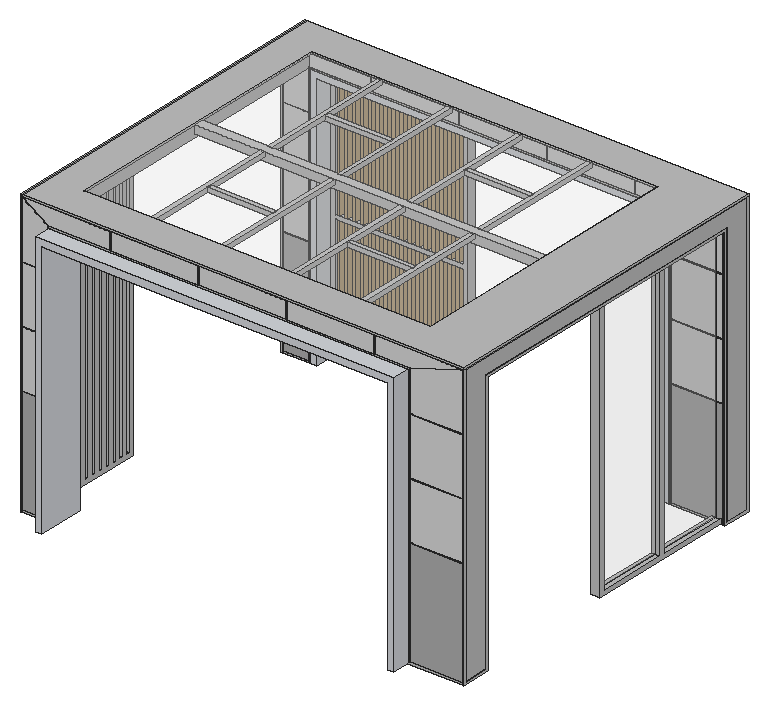
Revit family "L-FUR_파고라_DWP-2025_데오스웍스", category 일반 모델, Revit 2021
Family settings
  보강 철근 호스트 가능 = 아니오
  원형 커넥터 치수 = 지름 사용
  부품 유형 = 보통
  작업 기준면 기반 = 아니오
  항상 수직 = 예
  로드될 때 보이드를 사용하여 절단 = 아니오
  공유 = 아니오
  룸 계산 점 = 아니오
Parameters
  한국산업규격KS = ""
  조달청표준공사코드-세부공종 = "24076838"
  기본 입면도 = 0 mm
  건설정보분류체계-부위분류 = "E941"
  LIM_INFO_주의사항 = "재배포, 재가공, 판매 금지"
  LIM_INFO_제품업체 = "예건"
  LIM_INFO_제품번호 = "YF-16"
  LIM_INFO_제품명 = "펜스_YF-16"
  LIM_INFO_제작일 = "20230315"
  LIM_INFO_재료 = "Hardwood, STL-pipe, STL-plate"
  LIM_INFO_업체정보 = ""
  LIM_INFO_업체URL = "https://yekun.com/"
  LIM_INFO_업체TEL = "(+82)31-943-6114"
  LIM_INFO_업체EMAIL = "yekun@yekun.com"
  LIM_INFO_버전 = "2023_V01"
  LIM_INFO_기타정보 = ""
  LIM_INFO_규격 = "W2000 x H1800"
  LIM_INFO_가격 = 0
  LIM_INFO_PV_포장재여부 = yes
  LIM_INFO_PV_면적 = 0.00 m²
  KBIMS_식별-버전 = ""
  KBIMS_식별-bSK등록번호 = ""
  KBIMS_보급정보-저작자 = "림인포테크_MMJ"
  KBIMS_보급정보-보급코드 = ""
Reference planes
  plane 1 "중심(앞/뒤)": y = 0
  plane 2: z = 0
  plane 3 "중심(왼쪽/오른쪽)": x = 0
Dimensions and locks
  aligned and locked: level to plane 2
Nested families
  nested 1: "DWP-2025_base" at (0, 0, 0), type "DWP-2025_base"
Definition of nested family "DWP-2025_base"
  Parameters (values of type "DWP-2025_base")
    Default Elevation = 0 mm
  Reference planes
    plane 1 "중심(앞/뒤)": y = 0
    plane 2: z = 0
    plane 3 "중심(왼쪽/오른쪽)": x = 0
  Forms (mm)
    Extrusion 1, solid, detail levels fine
      sketch origin (0, 0, 0) x (1, 0, 0) y (0, 0, 1)
        loop
          line (4980, 1872.138) -> (4390, 1872.138) -> (4390, 1226) -> (4980, 1226) -> (4980, 1872.138)
        loop
          line (4980, 2524.276) -> (4390, 2524.276) -> (4390, 1878.138) -> (4980, 1878.138) -> (4980, 2524.276)
        loop
          line (4980, 3176.413) -> (4390, 2986.413) -> (4390, 2530.276) -> (4980, 2530.276) -> (4980, 3176.413)
        loop
          line (4384.526, 2990) -> (4974.526, 3180) -> (3989.515, 3180) -> (3989.515, 2990) -> (4384.526, 2990)
        loop
          line (2998.505, 3180) -> (2998.505, 2990) -> (3983.515, 2990) -> (3983.515, 3180) -> (2998.505, 3180)
        loop
          line (2007.495, 3180) -> (2007.495, 2990) -> (2992.505, 2990) -> (2992.505, 3180) -> (2007.495, 3180)
        loop
          line (1016.485, 3180) -> (1016.485, 2990) -> (2001.495, 2990) -> (2001.495, 3180) -> (1016.485, 3180)
        loop
          line (25.474, 3180) -> (315.474, 2990) -> (1010.485, 2990) -> (1010.485, 3180) -> (25.474, 3180)
        loop
          line (20, 3176.413) -> (20, 2530.276) -> (310, 2530.276) -> (310, 2986.413) -> (20, 3176.413)
        loop
          line (310, 1878.138) -> (310, 2524.276) -> (20, 2524.276) -> (20, 1878.138) -> (310, 1878.138)
        loop
          line (310, 1226) -> (310, 1872.138) -> (20, 1872.138) -> (20, 1226) -> (310, 1226)
      from -4000 to -3670
    Extrusion 2, solid, detail levels fine
      sketch origin (0, 0, 0) x (1, 0, 0) y (0, 0, 1)
        loop
          line (4390, 20) -> (4980, 20) -> (4980, 1220) -> (4390, 1220) -> (4390, 20)
        loop
          line (310, 20) -> (310, 1220) -> (20, 1220) -> (20, 20) -> (310, 20)
      from -4000 to -3670
    Extrusion 3, solid, detail levels fine
      sketch origin (0, 0, 0) x (1, 0, 0) y (0, 0, 1)
        loop
          line (4370, 2970) -> (330, 2970) -> (330, 0) -> (405, 0) -> (405, 2895) -> (1961.263, 2895) -> (4295, 2895) -> (4295, 2237.252) -> (4295, 1996.214) -> (4295, 0) -> (4370, 0) -> (4370, 2970)
      from -4240 to -3670
    Extrusion 4, solid, detail levels fine
      sketch origin (0, 0, 0) x (1, 0, 0) y (0, 0, 1)
        loop
          line (4980, 1872.138) -> (4390, 1872.138) -> (4390, 1226) -> (4980, 1226) -> (4980, 1872.138)
        loop
          line (4980, 2524.276) -> (4390, 2524.276) -> (4390, 1878.138) -> (4980, 1878.138) -> (4980, 2524.276)
        loop
          line (4980, 3176.413) -> (4390, 2986.413) -> (4390, 2530.276) -> (4980, 2530.276) -> (4980, 3176.413)
        loop
          line (4384.526, 2990) -> (4974.526, 3180) -> (3989.515, 3180) -> (3989.515, 2990) -> (4384.526, 2990)
        loop
          line (2998.505, 3180) -> (2998.505, 2990) -> (3983.515, 2990) -> (3983.515, 3180) -> (2998.505, 3180)
        loop
          line (2007.495, 3180) -> (2007.495, 2990) -> (2992.505, 2990) -> (2992.505, 3180) -> (2007.495, 3180)
        loop
          line (1016.485, 3180) -> (1016.485, 2990) -> (2001.495, 2990) -> (2001.495, 3180) -> (1016.485, 3180)
        loop
          line (25.474, 3180) -> (315.474, 2990) -> (1010.485, 2990) -> (1010.485, 3180) -> (25.474, 3180)
        loop
          line (20, 3176.413) -> (20, 2530.276) -> (310, 2530.276) -> (310, 2986.413) -> (20, 3176.413)
        loop
          line (310, 1878.138) -> (310, 2524.276) -> (20, 2524.276) -> (20, 1878.138) -> (310, 1878.138)
        loop
          line (310, 1226) -> (310, 1872.138) -> (20, 1872.138) -> (20, 1226) -> (310, 1226)
      from -330 to 0
    Extrusion 5, solid, detail levels fine
      sketch origin (0, 0, 0) x (1, 0, 0) y (0, 0, 1)
        loop
          line (4390, 20) -> (4980, 20) -> (4980, 1220) -> (4390, 1220) -> (4390, 20)
        loop
          line (310, 20) -> (310, 1220) -> (20, 1220) -> (20, 20) -> (310, 20)
      from -330 to 0
    Extrusion 6, solid, detail levels fine
      sketch origin (0, 0, 0) x (1, 0, 0) y (0, 0, 1)
        loop
          line (4390, 2986.413) -> (4980, 3176.413) -> (4980, 3180) -> (4974.526, 3180) -> (4384.526, 2990) -> (3989.515, 2990) -> (3989.515, 3180) -> (3983.515, 3180) -> (3983.515, 2990) -> (2998.505, 2990) -> (2998.505, 3180) -> (2992.505, 3180) -> (2992.505, 2990) -> (2007.495, 2990) -> (2007.495, 3180) -> (2001.495, 3180) -> (2001.495, 2990) -> (1016.485, 2990) -> (1016.485, 3180) -> (1010.485, 3180) -> (1010.485, 2990) -> (315.474, 2990) -> (25.474, 3180) -> (20, 3180) -> (20, 3176.413) -> (310, 2986.413) -> (310, 2530.276) -> (20, 2530.276) -> (20, 2524.276) -> (310, 2524.276) -> (310, 1878.138) -> (20, 1878.138) -> (20, 1872.138) -> (310, 1872.138) -> (310, 1226) -> (20, 1226) -> (20, 1220) -> (310, 1220) -> (310, 20) -> (20, 20) -> (20, 0) -> (330, 0) -> (330, 2970) -> (4370, 2970) -> (4370, 0) -> (4980, 0) -> (4980, 20) -> (4390, 20) -> (4390, 1220) -> (4980, 1220) -> (4980, 1226) -> (4390, 1226) -> (4390, 1872.138) -> (4980, 1872.138) -> (4980, 1878.138) -> (4390, 1878.138) -> (4390, 2524.276) -> (4980, 2524.276) -> (4980, 2530.276) -> (4390, 2530.276) -> (4390, 2986.413)
      from -330 to 0
    Extrusion 7, solid, detail levels fine
      sketch origin (0, 0, 0) x (1, 0, 0) y (0, 0, 1)
        loop
          line (4390, 2986.413) -> (4980, 3176.413) -> (4980, 3180) -> (4974.526, 3180) -> (4384.526, 2990) -> (3989.515, 2990) -> (3989.515, 3180) -> (3983.515, 3180) -> (3983.515, 2990) -> (2998.505, 2990) -> (2998.505, 3180) -> (2992.505, 3180) -> (2992.505, 2990) -> (2007.495, 2990) -> (2007.495, 3180) -> (2001.495, 3180) -> (2001.495, 2990) -> (1016.485, 2990) -> (1016.485, 3180) -> (1010.485, 3180) -> (1010.485, 2990) -> (315.474, 2990) -> (25.474, 3180) -> (20, 3180) -> (20, 3176.413) -> (310, 2986.413) -> (310, 2530.276) -> (20, 2530.276) -> (20, 2524.276) -> (310, 2524.276) -> (310, 1878.138) -> (20, 1878.138) -> (20, 1872.138) -> (310, 1872.138) -> (310, 1226) -> (20, 1226) -> (20, 1220) -> (310, 1220) -> (310, 20) -> (20, 20) -> (20, 0) -> (330, 0) -> (330, 2970) -> (4370, 2970) -> (4370, 0) -> (4980, 0) -> (4980, 20) -> (4390, 20) -> (4390, 1220) -> (4980, 1220) -> (4980, 1226) -> (4390, 1226) -> (4390, 1872.138) -> (4980, 1872.138) -> (4980, 1878.138) -> (4390, 1878.138) -> (4390, 2524.276) -> (4980, 2524.276) -> (4980, 2530.276) -> (4390, 2530.276) -> (4390, 2986.413)
      from -4000 to -3670
    Extrusion 8, solid, detail levels fine
      sketch origin (0, 0, 0) x (0, 1, 0) y (0, 0, 1)
        loop
          line (20, 3180) -> (20, 20) -> (310, 20) -> (310, 2990) -> (3690, 2990) -> (3690, 20) -> (3980, 20) -> (3980, 3180) -> (20, 3180)
        loop
          line (4000, 0) -> (4000, 3200) -> (0, 3200) -> (0, 0) -> (330, 0) -> (330, 2970) -> (3670, 2970) -> (3670, 0) -> (4000, 0)
      from 0 to 20
    Extrusion 9, solid, detail levels fine
      sketch origin (0, 0, 0) x (0, 1, 0) y (0, 0, 1)
        loop
          line (20, 3180) -> (20, 20) -> (310, 20) -> (310, 2990) -> (3690, 2990) -> (3690, 20) -> (3980, 20) -> (3980, 3180) -> (20, 3180)
        loop
          line (35, 3165) -> (35, 35) -> (295, 35) -> (295, 3005) -> (3705, 3005) -> (3705, 35) -> (3965, 35) -> (3965, 3165) -> (35, 3165)
      from 7.886 to 20
    Extrusion 10, solid, detail levels fine
      sketch origin (0, 0, 0) x (0, 1, 0) y (0, 0, 1)
        loop
          line (35, 3165) -> (35, 35) -> (295, 35) -> (295, 3005) -> (3705, 3005) -> (3705, 35) -> (3965, 35) -> (3965, 3165) -> (35, 3165)
      from 0 to 20
    Extrusion 11, solid, detail levels fine
      sketch origin (0, 0, 0) x (0, 1, 0) y (0, 0, 1)
        loop
          line (3980, 3180) -> (3980, 20) -> (3690, 20) -> (3690, 2990) -> (310, 2990) -> (310, 20) -> (20, 20) -> (20, 3180) -> (0, 3180) -> (0, 0) -> (330, 0) -> (330, 2970) -> (3670, 2970) -> (3670, 0) -> (4000, 0) -> (4000, 3180) -> (3980, 3180)
      from 4980 to 5000
    Extrusion 12, solid, detail levels fine
      sketch origin (0, 0, 0) x (0, 1, 0) y (0, 0, 1)
        loop
          line (20, 3180) -> (20, 20) -> (310, 20) -> (310, 2990) -> (3690, 2990) -> (3690, 20) -> (3980, 20) -> (3980, 3180) -> (20, 3180)
        loop
          line (35, 3165) -> (35, 35) -> (295, 35) -> (295, 3005) -> (3705, 3005) -> (3705, 35) -> (3965, 35) -> (3965, 3165) -> (35, 3165)
      from 4980 to 4990.356
    Extrusion 13, solid, detail levels fine
      sketch origin (0, 0, 0) x (0, 1, 0) y (0, 0, 1)
        loop
          line (35, 3165) -> (35, 35) -> (295, 35) -> (295, 3005) -> (3705, 3005) -> (3705, 35) -> (3965, 35) -> (3965, 3165) -> (35, 3165)
      from 4980 to 5000
    Extrusion 14, solid, detail levels fine
      sketch origin (0, 0, 0) x (1, 0, 0) y (0, 0, 1)
        loop
          line (4370, 2970) -> (330, 2970) -> (330, 0) -> (405, 0) -> (405, 2895) -> (1961.263, 2895) -> (4295, 2895) -> (4295, 2237.252) -> (4295, 1996.214) -> (4295, 0) -> (4370, 0) -> (4370, 2970)
      from -330 to 200
    Extrusion 15, solid, detail levels fine
      sketch origin (0, 0, 0) x (1, 0, 0) y (0, 0, 1)
        loop
          line (1961.263, 0) -> (1961.263, 2895) -> (405, 2895) -> (405, 0) -> (1961.263, 0)
        loop
          line (1911.263, 2845) -> (472.015, 2845) -> (472.015, 1467.5) -> (1911.263, 1467.5) -> (1911.263, 2845)
        loop
          line (1911.263, 1427.5) -> (472.015, 1427.5) -> (472.015, 50) -> (1911.263, 50) -> (1911.263, 1427.5)
      from -3950 to -3850
    Extrusion 16, solid, detail levels fine
      sketch origin (0, 0, 0) x (1, 0, 0) y (0, 0, 1)
        loop
          line (1821.31, 1427.5) -> (1821.31, 50) -> (1861.31, 50) -> (1861.31, 1427.5) -> (1821.31, 1427.5)
        loop
          line (1731.357, 1427.5) -> (1731.357, 50) -> (1771.357, 50) -> (1771.357, 1427.5) -> (1731.357, 1427.5)
        loop
          line (1641.404, 1427.5) -> (1641.404, 50) -> (1681.404, 50) -> (1681.404, 1427.5) -> (1641.404, 1427.5)
        loop
          line (1551.451, 1427.5) -> (1551.451, 50) -> (1591.451, 50) -> (1591.451, 1427.5) -> (1551.451, 1427.5)
        loop
          line (1461.498, 1427.5) -> (1461.498, 50) -> (1501.498, 50) -> (1501.498, 1427.5) -> (1461.498, 1427.5)
        loop
          line (1371.545, 1427.5) -> (1371.545, 50) -> (1411.545, 50) -> (1411.545, 1427.5) -> (1371.545, 1427.5)
        loop
          line (1281.592, 1427.5) -> (1281.592, 50) -> (1321.592, 50) -> (1321.592, 1427.5) -> (1281.592, 1427.5)
        loop
          line (1191.639, 1427.5) -> (1191.639, 50) -> (1231.639, 50) -> (1231.639, 1427.5) -> (1191.639, 1427.5)
        loop
          line (1101.686, 1427.5) -> (1101.686, 50) -> (1141.686, 50) -> (1141.686, 1427.5) -> (1101.686, 1427.5)
        loop
          line (1011.733, 1427.5) -> (1011.733, 50) -> (1051.733, 50) -> (1051.733, 1427.5) -> (1011.733, 1427.5)
        loop
          line (921.78, 1427.5) -> (921.78, 50) -> (961.78, 50) -> (961.78, 1427.5) -> (921.78, 1427.5)
        loop
          line (831.827, 1427.5) -> (831.827, 50) -> (871.827, 50) -> (871.827, 1427.5) -> (831.827, 1427.5)
        loop
          line (741.874, 1427.5) -> (741.874, 50) -> (781.874, 50) -> (781.874, 1427.5) -> (741.874, 1427.5)
        loop
          line (651.921, 1427.5) -> (651.921, 50) -> (691.921, 50) -> (691.921, 1427.5) -> (651.921, 1427.5)
        loop
          line (561.968, 1427.5) -> (561.968, 50) -> (601.968, 50) -> (601.968, 1427.5) -> (561.968, 1427.5)
        loop
          line (472.015, 1427.5) -> (472.015, 50) -> (512.015, 50) -> (512.015, 1427.5) -> (472.015, 1427.5)
        loop
          line (1821.31, 2845) -> (1821.31, 1467.5) -> (1861.31, 1467.5) -> (1861.31, 2845) -> (1821.31, 2845)
        loop
          line (1731.357, 2845) -> (1731.357, 1467.5) -> (1771.357, 1467.5) -> (1771.357, 2845) -> (1731.357, 2845)
        loop
          line (1641.404, 2845) -> (1641.404, 1467.5) -> (1681.404, 1467.5) -> (1681.404, 2845) -> (1641.404, 2845)
        loop
          line (1551.451, 2845) -> (1551.451, 1467.5) -> (1591.451, 1467.5) -> (1591.451, 2845) -> (1551.451, 2845)
        loop
          line (1461.498, 2845) -> (1461.498, 1467.5) -> (1501.498, 1467.5) -> (1501.498, 2845) -> (1461.498, 2845)
        loop
          line (1371.545, 2845) -> (1371.545, 1467.5) -> (1411.545, 1467.5) -> (1411.545, 2845) -> (1371.545, 2845)
        loop
          line (1281.592, 2845) -> (1281.592, 1467.5) -> (1321.592, 1467.5) -> (1321.592, 2845) -> (1281.592, 2845)
        loop
          line (1191.639, 2845) -> (1191.639, 1467.5) -> (1231.639, 1467.5) -> (1231.639, 2845) -> (1191.639, 2845)
        loop
          line (1101.686, 2845) -> (1101.686, 1467.5) -> (1141.686, 1467.5) -> (1141.686, 2845) -> (1101.686, 2845)
        loop
          line (1011.733, 2845) -> (1011.733, 1467.5) -> (1051.733, 1467.5) -> (1051.733, 2845) -> (1011.733, 2845)
        loop
          line (921.78, 2845) -> (921.78, 1467.5) -> (961.78, 1467.5) -> (961.78, 2845) -> (921.78, 2845)
        loop
          line (831.827, 2845) -> (831.827, 1467.5) -> (871.827, 1467.5) -> (871.827, 2845) -> (831.827, 2845)
        loop
          line (741.874, 2845) -> (741.874, 1467.5) -> (781.874, 1467.5) -> (781.874, 2845) -> (741.874, 2845)
        loop
          line (651.921, 2845) -> (651.921, 1467.5) -> (691.921, 1467.5) -> (691.921, 2845) -> (651.921, 2845)
        loop
          line (561.968, 2845) -> (561.968, 1467.5) -> (601.968, 1467.5) -> (601.968, 2845) -> (561.968, 2845)
        loop
          line (472.015, 2845) -> (472.015, 1467.5) -> (512.015, 1467.5) -> (512.015, 2845) -> (472.015, 2845)
      from -3940 to -3860
    Extrusion 17, solid, detail levels fine
      sketch origin (0, 0, 0) x (0, 1, 0) y (0, 0, 1)
        loop
          line (1349.93, 2920) -> (1302.664, 2920) -> (1302.664, 50) -> (1349.93, 50) -> (1349.93, 2920)
        loop
          line (1205.398, 2920) -> (1205.398, 50) -> (1252.664, 50) -> (1252.664, 2920) -> (1205.398, 2920)
        loop
          line (1108.131, 2920) -> (1108.131, 50) -> (1155.398, 50) -> (1155.398, 2920) -> (1108.131, 2920)
        loop
          line (1010.865, 2920) -> (1010.865, 50) -> (1058.131, 50) -> (1058.131, 2920) -> (1010.865, 2920)
        loop
          line (913.598, 2920) -> (913.598, 50) -> (960.865, 50) -> (960.865, 2920) -> (913.598, 2920)
        loop
          line (816.332, 2920) -> (816.332, 50) -> (863.598, 50) -> (863.598, 2920) -> (816.332, 2920)
        loop
          line (719.066, 2920) -> (719.066, 50) -> (766.332, 50) -> (766.332, 2920) -> (719.066, 2920)
        loop
          line (621.799, 2920) -> (621.799, 50) -> (669.066, 50) -> (669.066, 2920) -> (621.799, 2920)
        loop
          line (524.533, 2920) -> (524.533, 50) -> (571.799, 50) -> (571.799, 2920) -> (524.533, 2920)
        loop
          line (427.266, 2920) -> (427.266, 50) -> (474.533, 50) -> (474.533, 2920) -> (427.266, 2920)
        loop
          line (330, 2920) -> (377.266, 2920) -> (377.266, 50) -> (330, 50) -> (330, 0) -> (1399.93, 0) -> (1399.93, 2970) -> (330, 2970) -> (330, 2920)
      from 100 to 150
    Extrusion 18, solid, detail levels fine
      sketch origin (0, 0, 0) x (1, 0, 0) y (0, 1, 0)
        loop
          line (20, 3670) -> (20, 330) -> (310, 330) -> (310, 3670) -> (20, 3670)
      from 2970 to 3180
    Extrusion 19, solid, detail levels fine
      sketch origin (4670, 0, 0) x (1, 0, 0) y (0, 1, 0)
        loop
          line (20, 3670) -> (20, 330) -> (310, 330) -> (310, 3670) -> (20, 3670)
      from 2970 to 3180
    Extrusion 20, solid, detail levels fine
      sketch origin (0, 0, 0) x (1, 0, 0) y (0, 1, 0)
        loop
          line (0, 4000) -> (0, 0) -> (5000, 0) -> (5000, 4000) -> (0, 4000)
        loop
          line (400, 3600) -> (400, 400) -> (4300, 400) -> (4300, 3600) -> (400, 3600)
      from 3180 to 3200
    Extrusion 21, solid, detail levels fine
      sketch origin (0, 0, 0) x (0, 1, 0) y (0, 0, 1)
        loop
          line (1975, 0) -> (3670, 0) -> (3670, 50) -> (2872.5, 50) -> (2872.5, 2970) -> (2822.5, 2970) -> (2822.5, 50) -> (2025, 50) -> (2025, 2970) -> (1975, 2970) -> (1975, 0)
      from 4850 to 4950
    Extrusion 22, solid, detail levels fine
      sketch origin (0, 0, 0) x (0, 1, 0) y (0, 0, 1)
        loop
          line (2025, 2970) -> (2025, 50) -> (2822.5, 50) -> (2822.5, 2970) -> (2025, 2970)
        loop
          line (2872.5, 50) -> (3670, 50) -> (3670, 2970) -> (2872.5, 2970) -> (2872.5, 50)
      from 4896 to 4904
    Extrusion 23, solid, detail levels fine
      sketch origin (0, 0, 0) x (1, 0, 0) y (0, 1, 0)
        loop
          line (1144, 3600) -> (1144, 2050) -> (1194, 2050) -> (1194, 3600) -> (1144, 3600)
        loop
          line (1933, 3600) -> (1933, 2050) -> (1983, 2050) -> (1983, 3600) -> (1933, 3600)
        loop
          line (2719.5, 3600) -> (2719.5, 2050) -> (2769.5, 2050) -> (2769.5, 3600) -> (2719.5, 3600)
        loop
          line (3508.5, 2050) -> (3558.5, 2050) -> (3558.5, 3600) -> (3508.5, 3600) -> (3508.5, 2050)
        loop
          line (1144, 1950) -> (1144, 400) -> (1194, 400) -> (1194, 1950) -> (1144, 1950)
        loop
          line (1933, 1950) -> (1933, 400) -> (1983, 400) -> (1983, 1950) -> (1933, 1950)
        loop
          line (2719.5, 1950) -> (2719.5, 400) -> (2769.5, 400) -> (2769.5, 1950) -> (2719.5, 1950)
        loop
          line (3508.5, 400) -> (3558.5, 400) -> (3558.5, 1950) -> (3508.5, 1950) -> (3508.5, 400)
      from 3140 to 3190
    Extrusion 24, solid, detail levels fine
      sketch origin (0, 0, 0) x (1, 0, 0) y (0, 1, 0)
        loop
          line (400, 2050) -> (400, 1950) -> (4300, 1950) -> (4300, 2050) -> (400, 2050)
      from 3090 to 3190
    Extrusion 25, solid, detail levels fine
      sketch origin (0, 0, 0) x (1, 0, 0) y (0, 1, 0)
        loop
          line (1194, 2838.75) -> (1194, 2788.75) -> (1933, 2788.75) -> (1933, 2838.75) -> (1194, 2838.75)
        loop
          line (2769.5, 2838.75) -> (2769.5, 2788.75) -> (3508.5, 2788.75) -> (3508.5, 2838.75) -> (2769.5, 2838.75)
        loop
          line (1194, 1188.75) -> (1194, 1138.75) -> (1933, 1138.75) -> (1933, 1188.75) -> (1194, 1188.75)
        loop
          line (2769.5, 1188.75) -> (2769.5, 1138.75) -> (3508.5, 1138.75) -> (3508.5, 1188.75) -> (2769.5, 1188.75)
      from 3140 to 3190
    Extrusion 26, solid, detail levels fine
      sketch origin (0, 0, 0) x (1, 0, 0) y (0, 1, 0)
        loop
          line (400, 3600) -> (400, 400) -> (4300, 400) -> (4300, 3600) -> (400, 3600)
      from 3190 to 3200
    Extrusion 27, solid, detail levels coarse+medium
      sketch origin (0, 0, 0) x (1, 0, 0) y (0, 0, 1)
        loop
          line (4390, 2990) -> (4390, 20) -> (4980, 20) -> (4980, 3180) -> (20, 3180) -> (20, 20) -> (310, 20) -> (310, 2990) -> (4390, 2990)
      from -4000 to -3670
    Extrusion 28, solid, detail levels coarse+medium
      sketch origin (0, 0, 0) x (1, 0, 0) y (0, 0, 1)
        loop
          line (4370, 2970) -> (330, 2970) -> (330, 0) -> (405, 0) -> (405, 2895) -> (1961.263, 2895) -> (4295, 2895) -> (4295, 2237.252) -> (4295, 1996.214) -> (4295, 0) -> (4370, 0) -> (4370, 2970)
      from -4240 to -3670
    Extrusion 29, solid, detail levels coarse+medium
      sketch origin (0, 0, 0) x (1, 0, 0) y (0, 0, 1)
        loop
          line (4390, 2990) -> (4390, 20) -> (4980, 20) -> (4980, 3180) -> (20, 3180) -> (20, 20) -> (310, 20) -> (310, 2990) -> (4390, 2990)
      from -330 to 0
    Extrusion 30, solid, detail levels coarse+medium
      sketch origin (0, 0, 0) x (1, 0, 0) y (0, 0, 1)
        loop
          line (3303.001, 2990) -> (310, 2990) -> (310, 20) -> (20, 20) -> (20, 0) -> (330, 0) -> (330, 2970) -> (4370, 2970) -> (4370, 0) -> (4980, 0) -> (4980, 20) -> (4390, 20) -> (4390, 2990) -> (3303.001, 2990)
      from -330 to 0
    Extrusion 31, solid, detail levels coarse+medium
      sketch origin (0, 0, 0) x (1, 0, 0) y (0, 0, 1)
        loop
          line (3303.001, 2990) -> (310, 2990) -> (310, 20) -> (20, 20) -> (20, 0) -> (330, 0) -> (330, 2970) -> (4370, 2970) -> (4370, 0) -> (4980, 0) -> (4980, 20) -> (4390, 20) -> (4390, 2990) -> (3303.001, 2990)
      from -4000 to -3670
    Extrusion 32, solid, detail levels coarse+medium
      sketch origin (0, 0, 0) x (0, 1, 0) y (0, 0, 1)
        loop
          line (20, 3180) -> (20, 20) -> (310, 20) -> (310, 2990) -> (3690, 2990) -> (3690, 20) -> (3980, 20) -> (3980, 3180) -> (20, 3180)
        loop
          line (4000, 0) -> (4000, 3200) -> (0, 3200) -> (0, 0) -> (330, 0) -> (330, 2970) -> (3670, 2970) -> (3670, 0) -> (4000, 0)
      from 0 to 20
    Extrusion 33, solid, detail levels coarse+medium
      sketch origin (0, 0, 0) x (0, 1, 0) y (0, 0, 1)
        loop
          line (20, 3180) -> (20, 20) -> (310, 20) -> (310, 2990) -> (3690, 2990) -> (3690, 20) -> (3980, 20) -> (3980, 3180) -> (20, 3180)
        loop
          line (35, 3165) -> (35, 35) -> (295, 35) -> (295, 3005) -> (3705, 3005) -> (3705, 35) -> (3965, 35) -> (3965, 3165) -> (35, 3165)
      from 7.886 to 20
    Extrusion 34, solid, detail levels coarse+medium
      sketch origin (0, 0, 0) x (0, 1, 0) y (0, 0, 1)
        loop
          line (35, 3165) -> (35, 35) -> (295, 35) -> (295, 3005) -> (3705, 3005) -> (3705, 35) -> (3965, 35) -> (3965, 3165) -> (35, 3165)
      from 0 to 20
    Extrusion 35, solid, detail levels coarse+medium
      sketch origin (0, 0, 0) x (0, 1, 0) y (0, 0, 1)
        loop
          line (3980, 3180) -> (3980, 20) -> (3690, 20) -> (3690, 2990) -> (310, 2990) -> (310, 20) -> (20, 20) -> (20, 3180) -> (0, 3180) -> (0, 0) -> (330, 0) -> (330, 2970) -> (3670, 2970) -> (3670, 0) -> (4000, 0) -> (4000, 3180) -> (3980, 3180)
      from 4980 to 5000
    Extrusion 36, solid, detail levels coarse+medium
      sketch origin (0, 0, 0) x (0, 1, 0) y (0, 0, 1)
        loop
          line (20, 3180) -> (20, 20) -> (310, 20) -> (310, 2990) -> (3690, 2990) -> (3690, 20) -> (3980, 20) -> (3980, 3180) -> (20, 3180)
        loop
          line (35, 3165) -> (35, 35) -> (295, 35) -> (295, 3005) -> (3705, 3005) -> (3705, 35) -> (3965, 35) -> (3965, 3165) -> (35, 3165)
      from 4980 to 4990.356
    Extrusion 37, solid, detail levels coarse+medium
      sketch origin (0, 0, 0) x (0, 1, 0) y (0, 0, 1)
        loop
          line (35, 3165) -> (35, 35) -> (295, 35) -> (295, 3005) -> (3705, 3005) -> (3705, 35) -> (3965, 35) -> (3965, 3165) -> (35, 3165)
      from 4980 to 5000
    Extrusion 38, solid, detail levels coarse+medium
      sketch origin (0, 0, 0) x (1, 0, 0) y (0, 0, 1)
        loop
          line (4370, 2970) -> (330, 2970) -> (330, 0) -> (405, 0) -> (405, 2895) -> (1961.263, 2895) -> (4295, 2895) -> (4295, 2237.252) -> (4295, 1996.214) -> (4295, 0) -> (4370, 0) -> (4370, 2970)
      from -330 to 200
    Extrusion 39, solid, detail levels coarse+medium
      sketch origin (0, 0, 0) x (1, 0, 0) y (0, 0, 1)
        loop
          line (1961.263, 0) -> (1961.263, 2895) -> (405, 2895) -> (405, 0) -> (1961.263, 0)
        loop
          line (1911.263, 2845) -> (472.015, 2845) -> (472.015, 1467.5) -> (1911.263, 1467.5) -> (1911.263, 2845)
        loop
          line (1911.263, 1427.5) -> (472.015, 1427.5) -> (472.015, 50) -> (1911.263, 50) -> (1911.263, 1427.5)
      from -3950 to -3850
    Extrusion 40, solid, detail levels coarse+medium
      sketch origin (0, 0, 0) x (1, 0, 0) y (0, 0, 1)
        loop
          line (1911.263, 2845) -> (472.015, 2845) -> (472.015, 1467.5) -> (1911.263, 1467.5) -> (1911.263, 2845)
        loop
          line (1911.263, 50) -> (1911.263, 1427.5) -> (472.015, 1427.5) -> (472.015, 50) -> (1911.263, 50)
      from -3940 to -3860
    Extrusion 41, solid, detail levels coarse+medium
      sketch origin (0, 0, 0) x (0, 1, 0) y (0, 0, 1)
        loop
          line (1399.93, 0) -> (1399.93, 2970) -> (330, 2970) -> (330, 0) -> (1399.93, 0)
      from 100 to 150
    Extrusion 42, solid, detail levels coarse+medium
      sketch origin (0, 0, 0) x (1, 0, 0) y (0, 1, 0)
        loop
          line (20, 3670) -> (20, 330) -> (310, 330) -> (310, 3670) -> (20, 3670)
      from 2970 to 3180
    Extrusion 43, solid, detail levels coarse+medium
      sketch origin (4670, 0, 0) x (1, 0, 0) y (0, 1, 0)
        loop
          line (20, 3670) -> (20, 330) -> (310, 330) -> (310, 3670) -> (20, 3670)
      from 2970 to 3180
    Extrusion 44, solid, detail levels coarse+medium
      sketch origin (0, 0, 0) x (1, 0, 0) y (0, 1, 0)
        loop
          line (0, 4000) -> (0, 0) -> (5000, 0) -> (5000, 4000) -> (0, 4000)
        loop
          line (400, 3600) -> (400, 400) -> (4300, 400) -> (4300, 3600) -> (400, 3600)
      from 3180 to 3200
    Extrusion 45, solid, detail levels coarse+medium
      sketch origin (0, 0, 0) x (0, 1, 0) y (0, 0, 1)
        loop
          line (1975, 0) -> (3670, 0) -> (3670, 50) -> (2872.5, 50) -> (2872.5, 2970) -> (2822.5, 2970) -> (2822.5, 50) -> (2025, 50) -> (2025, 2970) -> (1975, 2970) -> (1975, 0)
      from 4850 to 4950
    Extrusion 46, solid, detail levels coarse+medium
      sketch origin (0, 0, 0) x (0, 1, 0) y (0, 0, 1)
        loop
          line (2025, 2970) -> (2025, 50) -> (2822.5, 50) -> (2822.5, 2970) -> (2025, 2970)
        loop
          line (2872.5, 50) -> (3670, 50) -> (3670, 2970) -> (2872.5, 2970) -> (2872.5, 50)
      from 4896 to 4904
    Extrusion 47, solid, detail levels coarse+medium
      sketch origin (0, 0, 0) x (1, 0, 0) y (0, 1, 0)
        loop
          line (400, 2050) -> (400, 1950) -> (4300, 1950) -> (4300, 2050) -> (400, 2050)
      from 3090 to 3190
    Extrusion 48, solid, detail levels coarse+medium
      sketch origin (0, 0, 0) x (1, 0, 0) y (0, 1, 0)
        loop
          line (400, 3600) -> (400, 400) -> (4300, 400) -> (4300, 3600) -> (400, 3600)
      from 3190 to 3200
  Dimensions and locks
    aligned and locked: level to plane 2
